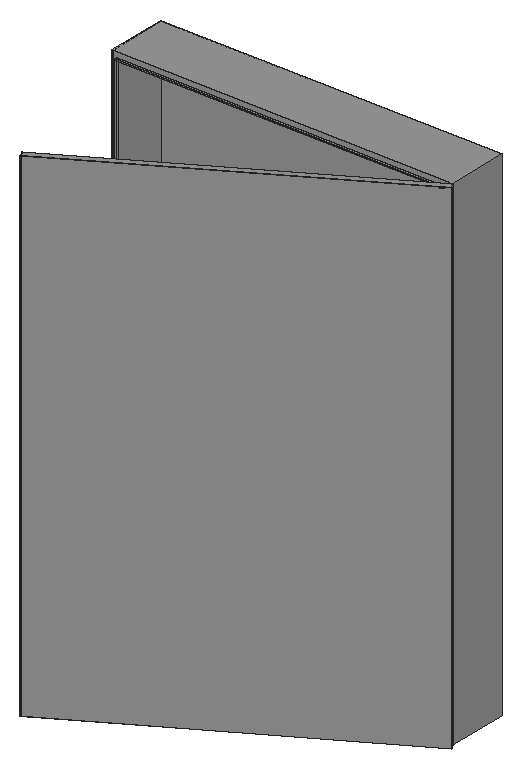
Revit family "Hager-Univers-IP54-D205-H550-Cl.I-Encl-NoHosted-CH-en", category Equipement électrique, Revit 2020
Family settings
  Configuration du panneau = Deux colonnes, circuits au sein
  Cote de connecteur circulaire = Utiliser le diamètre
  Type d'élément = Tableau de raccordement
  Basée sur le plan de construction = Oui
  Toujours verticalement = Oui
  Couper avec des vides une fois chargée = Non
  Partagée = Non
  Point de calcul de pièce = Non
Parameters (values of type "Surface mounted (plaster) IP54 W1050 H1550 D205  - FP04TW2")
  Width Control [instance] = if([EF000008 - Width] > Min Width, [EF000008 - Width], Min Width)  # 1050 mm
  Commentaires du type = [HG000003 - Range]  # "Univers"
  Thickness Door [instance] = if([EF009171 - Material plate thickness door/cover] > 3 mm, 3 mm, [EF009171 - Material plate thickness door/cover])  # 1 mm
  Seal Frame Offset [instance] = 17 mm  # constant formula
  Plinth Visibility [instance] = [HG000027 - Plinth height] > 0 mm  # no
  Min Width [instance] = 100 mm  # constant formula
  Min Depth [instance] = (2 * [EF009170 - Material plate thickness cabinet]) + 1 mm  # 3 mm
  Min Height [instance] = 100 mm  # constant formula
  Internal Frame Depth [instance] = (Door System Depth * 0.5)  # 9 mm
  Panel Name [instance] = ""  # (empty or 0)
  Model = ""
  HG000027 - Plinth height = 0 mm
  HG000026 - Floor standing = no
  HG000024 - Bottom section height = 600 mm
  HG000023 - Double section enclosure = no
  HG000016 - Door 3d visibility [instance] = yes
  HG000015 - Clearance visibility [instance] = no
  HG000014 - Door on the right [instance] = yes
  HG000013 - Door on the left [instance] = not([HG000014 - Door on the right])  # no
  HG000012 - Door swing angle [instance] = 30.00°
  HG000010 - Asymmetric doors = no
  HG000009 - Double swing door = no
  HG000006 - Flush mounted = no
  HG000004 - Manufacturer reference = "FP04TW2"
  HG000003 - Range = "Univers"
  HG000002 - With door or cover = yes
  Frame Offset Bottom [instance] = 10 mm  # constant formula
  Frame Offset [instance] = 15 mm  # constant formula
  EF015940 - Cover with overpressure release = no
  EF011959 - Degree of protection (NEMA) = ""
  EF009554 - Number of openings for flange plates = 8
  EF009212 - Cover model = "EV000116 - Closed"
  EF009171 - Material plate thickness door/cover = 1 mm
  EF009170 - Material plate thickness cabinet = 1 mm
  EF008873 - Nominal current (In) = 400 A
  EF007800 - Suitable for lightning protection = no
  EF006306 - With lock = no
  EF006244 - Transparent cover/door = no
  EF005474 - Degree of protection (IP) = "EV006419 - IP54"
  EF004464 - Type of door = "EV003602 - Double"
  EF004427 - Number of modules = 480
  EF004293 - Impact strength = "EV006815 - IK09"
  EF003532 - Suitable for outdoor use = no
  EF002950 - Width in number of modular spacings = 48
  EF001613 - Circuit integrity = "EV000494 - None"
  EF001596 - Material housing = "EV000179 - Steel"
  EF001131 - Internal depth = 205 mm
  EF001088 - Extension possible = yes
  EF000437 - Number of conduit inlets = 8
  EF000339 - Type of cover = "EV001012 - Cover"
  EF000266 - Number of rows = 10
  EF000218 - Built-in depth = 205 mm
  EF000118 - With mounting plate = no
  EF000116 - RAL-number = "9010"
  EF000049 - Depth = 205 mm
  EF000040 - Height = 1550 mm
  EF000008 - Width = 1050 mm
  EF000007 - Colour = "EV000202 - White"
  EF000003 - Mounting method = "EV000384 - Surface mounted (plaster)"
  Door System Leaf Tolerance [instance] = 1.5 mm  # constant formula
  Door System Depth [instance] = 18 mm  # constant formula
  Door Height [instance] = Height Control - [HG000027 - Plinth height]  # 1550 mm
  Description = ""
  Default Elevation = 1219.2 mm
  Connector Offset [instance] = Height Control / 2  # 775 mm
  Fabricant = "Hager"  # constant formula
  Height Control [instance] = if([EF000040 - Height] > Min Height, [EF000040 - Height], Min Height)  # 1550 mm
  Depth Control [instance] = if([EF000049 - Depth] > Min Depth, [EF000049 - Depth], Min Depth)  # 205 mm
  Bottom Top Plate Trim [instance] = 1.5 mm  # constant formula
  Plinth height Ctrl [instance] = if([HG000027 - Plinth height] > 0 mm, [HG000027 - Plinth height], 12 mm)  # 12 mm
Reference planes
  plane 1 "Center (Front/Back)": y = 0
  plane 2: z = 0
  plane 3 "Center (Left/Right)": x = 0
  plane 4: y = 0
  plane 5: y = 0
  plane 6: z = 0
  plane 7: x = -525
  plane 8: x = 525
  plane 9: x = 524
  plane 10: x = -524
  plane 11: z = 0
  plane 12: z = 1
  plane 13: y = -205
  plane 14: y = -1
  plane 15: x = 0
  plane 16: y = -187
  plane 17: y = -204
  plane 18: y = -186
  plane 19: x = -509
  plane 20: x = 509
  plane 21: z = 11
  plane 22: x = -508
  plane 23: x = 508
  plane 24: z = 0
  plane 25: z = 1550
  plane 26: z = 1550
  plane 27: z = 1534
  plane 28: z = 1549
Forms (mm)
  Extrusion 1, solid, material "Hager_Steel_RAL7035_Light_Grey", detail levels medium+fine
    sketch origin (-208.679, -4572, 0) x (-1, 0, 0) y (0, -1, 0)
      loop
        line (316.321, -4385) -> (-733.679, -4385) -> (-733.679, -4572) -> (316.321, -4572) -> (316.321, -4385)
    from 0 to 1550
  Extrusion 2, void
    sketch origin (-350.771, -205, 1219.2) x (1, 0, 0) y (0, 0, 1)
      loop
        line (-173.229, 329.8) -> (-173.229, -1218.2) -> (874.771, -1218.2) -> (874.771, 329.8) -> (-173.229, 329.8)
    from -19 to -204
  Extrusion 3, void
    sketch origin (-290.084, -187, 1219.2) x (1, 0, 0) y (0, 0, 1)
      loop
        line (-218.916, -1208.2) -> (799.084, -1208.2) -> (799.084, 314.8) -> (-218.916, 314.8) -> (-218.916, -1208.2)
    from 0 to -1
  Extrusion 4, solid, material "Hager_Steel_RAL7035_Light_Grey", visible <- "Plinth Visibility", detail levels medium+fine
    sketch origin (0, 0, 0) x (1, 0, 0) y (0, 1, 0)
      loop
        line (-525, 0) -> (-525, -187) -> (525, -187) -> (525, 0) -> (-525, 0)
    from 0 to 12 <- "Plinth height Ctrl"
  Extrusion 5, solid, material "Hager_Steel_RAL7035_Light_Grey", detail levels coarse
    sketch origin (0, 0, 0) x (1, 0, 0) y (0, 1, 0)
      loop
        line (-525, 0) -> (-525, -205) -> (525, -205) -> (525, 0) -> (-525, 0)
    from 0 to 1550 <- "Height Control"
  Sweep 6, void
    path in 3D
      loop
        line (-525, -187, 12) -> (525, -187, 12) -> (525, 0, 12) -> (-525, 0, 12) -> (-525, -187, 12)
    profile origin (-525, -93.5, 12) x (1, 0, 0) y (0, 0, 1)
      loop
        line (0, 0) -> (0, -1.5) -> (1.5, -1.5)
        arc (1.5, -1.5) -> (1.061, -0.439) -> (0, 0) r 1.5
  Extrusion 7, solid, material "Hager_Steel_RAL7035_Light_Grey", detail levels fine
    sketch origin (-525, -187, 0) x (1, 0, 0) y (0, 0, 1)
      loop
        line (16, 11) -> (1034, 11) -> (1034, 1534) -> (16, 1534) -> (16, 11)
      loop
        line (15, 10) -> (1035, 10) -> (1035, 1535) -> (15, 1535) -> (15, 10)
    from 0 to 9 <- "Internal Frame Depth"
Cuts and joins
  Extrusion 2, Extrusion 3 cuts Extrusion 1
  Sweep 6 cuts Extrusion 4
Lines and regions (mm)
  Masking region 1
    outline origin (0, 0, 0) x (1, 0, 0) y (0, 1, 0)
      loop
        line (-525, 0) -> (-525, -205) -> (525, -205) -> (525, 0) -> (-525, 0)
  Masking region 2, detail levels coarse
    outline origin (-290.084, -187, 1219.2) x (-1, 0, 0) y (0, 0, 1)
      loop
        line (-815.084, -1219.2) -> (234.916, -1219.2) -> (234.916, 330.8) -> (-815.084, 330.8) -> (-815.084, -1219.2)
  Masking region 3, detail levels coarse
    outline origin (0, 0, 0) x (0, 1, 0) y (0, 0, 1)
      loop
        line (0, 0) -> (0, 1550) -> (-205, 1550) -> (-205, 0) -> (0, 0)
  Masking region 4, visible <- "Plinth Visibility", detail levels medium+fine
    outline origin (0, 0, 0) x (0, 1, 0) y (0, 0, 1)
      loop
        line (-1.5, 12) -> (-185.5, 12)
        arc (-185.5, 12) -> (-185.939, 10.939) -> (-187, 10.5) r 1.5
        line (-187, 10.5) -> (-187, 0) -> (0, 0) -> (0, 10.5)
        arc (0, 10.5) -> (-1.061, 10.939) -> (-1.5, 12) r 1.5
  Masking region 5, detail levels medium+fine
    outline origin (0, 0, 594.038) x (0, 1, 0) y (0, 0, 1)
      loop
        line (0, -594.038) -> (0, 955.962) -> (-187, 955.962) -> (-187, -594.038) -> (0, -594.038)
  Masking region 6, detail levels medium+fine
    outline origin (-359.7, -187, 1211.883) x (-1, 0, 0) y (0, 0, 1)
      loop
        line (-884.7, -1211.883) -> (165.3, -1211.883) -> (165.3, 338.117) -> (-884.7, 338.117) -> (-884.7, -1211.883)
  Masking region 7, visible <- "Plinth Visibility", detail levels medium+fine
    outline origin (-320.334, -187, 1041.368) x (-1, 0, 0) y (0, 0, 1)
      loop
        line (-845.334, -1041.368) -> (204.666, -1041.368) -> (204.666, -1030.868)
        arc (204.666, -1030.868) -> (203.606, -1030.429) -> (203.166, -1029.368) r 1.5
        line (203.166, -1029.368) -> (-843.834, -1029.368)
        arc (-843.834, -1029.368) -> (-844.273, -1030.429) -> (-845.334, -1030.868) r 1.5
        line (-845.334, -1030.868) -> (-845.334, -1041.368)
  sketch lines
    curve 1: line (-525, 0, 12) -> (-525, -187, 12)
    curve 2: line (-525, -187, 12) -> (525, -187, 12)
    curve 3: line (525, 0, 12) -> (-525, 0, 12)
    curve 4: line (525, -187, 12) -> (525, 0, 12)
Dimensions and locks
  locked: plane 1 "Center (Front/Back)" to plane 5
  "EF009170 - Material plate thickness cabinet": plane 7 to plane 10
  "EF009170 - Material plate thickness cabinet": plane 8 to plane 9
  equal spacing: plane 7, plane 3 "Center (Left/Right)", plane 8
  "Width Control": plane 7 to plane 8
  "Depth Control": plane 4 to plane 13
  "EF009170 - Material plate thickness cabinet": plane 4 to plane 14
  "Height Control": plane 25 to level
  "HG000027 - Plinth height": plane 11 to level
  "EF009170 - Material plate thickness cabinet": plane 12 to plane 11
  "EF009170 - Material plate thickness cabinet": plane 17 to plane 13
  "EF009170 - Material plate thickness cabinet": plane 18 to plane 16
  "Frame Offset Bottom": plane 21 to plane 12
  "Frame Offset": plane 10 to plane 19
  "Frame Offset": plane 9 to plane 20
  "Door System Depth": plane 16 to plane 13
  "Seal Frame Offset": plane 7 to plane 22
  "Seal Frame Offset": plane 8 to plane 23
  "EF009170 - Material plate thickness cabinet": plane 26 to plane 28
  "Frame Offset": plane 28 to plane 27
  "Connector Offset": plane 2 to connector elem
  "Bottom Top Plate Trim": profile plane to Sweep 6 sketch curve
  "Bottom Top Plate Trim": Sweep 6 sketch curve to Sweep 6 sketch curve
  "Plinth height Ctrl": Masking region 4 sketch curve to level
  "Plinth height Ctrl": Masking region 7 sketch curve to level
  "Thickness Door": Extrusion 7 sketch curve to Extrusion 7 sketch curve  (x4)
  "Bottom Top Plate Trim": radius of Sweep 6 sketch curve
  "Bottom Top Plate Trim": radius of Masking region 4 sketch curve  (x2)
  "Bottom Top Plate Trim": radius of Masking region 7 sketch curve  (x2)
  aligned and locked: Extrusion 2 sketch curve to plane 12
  aligned and locked: Extrusion 2 sketch curve to plane 9
  aligned and locked: Extrusion 2 sketch curve to plane 10
  aligned and locked: Extrusion 2 to plane 14
  aligned and locked: Extrusion 1 sketch curve to plane 4
  aligned and locked: plane 8 to Extrusion 1 sketch curve
  aligned and locked: plane 7 to Extrusion 1 sketch curve
  aligned and locked: Extrusion 2 to plane 18
  aligned and locked: Extrusion 3 sketch curve to plane 19
  aligned and locked: plane 20 to Extrusion 3 sketch curve
  aligned and locked: Extrusion 3 to Extrusion 2
  aligned and locked: Extrusion 3 sketch curve to plane 21
  aligned and locked: plane 3 "Center (Left/Right)" to nested 1
  aligned and locked: Extrusion 1 sketch curve to plane 16
  aligned and locked: Extrusion 4 sketch curve to cut or joined group of Extrusion 1, Extrusion 2, Extrusion 3
  aligned and locked: Masking region 1 sketch curve to plane 7
  aligned and locked: Masking region 1 sketch curve to plane 5
  aligned and locked: Masking region 1 sketch curve to plane 8
  aligned and locked: Masking region 2 sketch curve to level
  aligned and locked: level to Masking region 3 sketch curve
  aligned and locked: plane 1 "Center (Front/Back)" to Masking region 3 sketch curve
  aligned and locked: plane 13 to Masking region 3 sketch curve
  aligned and locked: plane 5 to Masking region 4 sketch curve
  aligned and locked: Masking region 2 sketch curve to plane 8
  aligned and locked: Masking region 2 sketch curve to plane 7
  aligned and locked: plane 7 to nested 2
  aligned and locked: nested 2 to plane 5
  aligned and locked: plane 5 to Masking region 5 sketch curve
  aligned and locked: plane 26 to Masking region 5 sketch curve
  aligned and locked: Extrusion 5 sketch curve to plane 8
  aligned and locked: Extrusion 5 sketch curve to plane 7
  aligned and locked: Extrusion 5 sketch curve to plane 5
  aligned and locked: Extrusion 3 sketch curve to plane 27
  aligned and locked: Extrusion 2 sketch curve to plane 28
  aligned and locked: Masking region 2 to plane 25
  aligned and locked: Extrusion 4 to plane 16
  aligned and locked: profile plane to Sweep 6 sketch curve
  aligned and locked: Masking region 5 sketch curve to plane 24
  aligned and locked: level to Masking region 4 sketch curve
  aligned and locked: Masking region 1 to plane 13
  aligned and locked: nested 1 to plane 16
  aligned and locked: Masking region 3 to plane 25
  aligned and locked: plane 16 to Masking region 4 sketch curve
  aligned and locked: Masking region 5 sketch curve to plane 16
  aligned and locked: plane 24 to plane 11
  aligned and locked: plane 26 to plane 25
  aligned and locked: plane 26 to cut or joined group of Extrusion 1, Extrusion 2, Extrusion 3
  aligned and locked: nested 1 to plane 24
  aligned and locked: Extrusion 1 to Extrusion 3
  aligned and locked: Masking region 6 sketch curve to plane 8
  aligned and locked: Masking region 6 sketch curve to plane 24
  aligned and locked: Masking region 6 sketch curve to plane 7
  aligned and locked: Masking region 6 sketch curve to plane 26
  aligned and locked: Masking region 7 sketch curve to plane 7
  aligned and locked: level to Masking region 7 sketch curve
  aligned and locked: Masking region 7 sketch curve to plane 8
  aligned and locked: Extrusion 7 sketch curve to cut or joined group of Extrusion 1, Extrusion 2, Extrusion 3  (x4)
Automatic sketch dimensions
  plane 19 to Extrusion 3 sketch curve = 0 mm
  Extrusion 3 sketch curve to plane 20 = 0 mm
  Extrusion 3 sketch curve to plane 21 = 0 mm
  Extrusion 4 sketch curve to plane 7 = 0 mm
  Extrusion 4 sketch curve to plane 8 = 0 mm
  Extrusion 4 sketch curve to plane 16 = 0 mm
  Masking region 1 sketch curve to plane 13 = 0 mm
  Masking region 2 sketch curve to plane 25 = 0 mm
  Masking region 3 sketch curve to plane 25 = 0 mm
  Extrusion 5 sketch curve to plane 13 = 0 mm
  profile plane to Sweep 6 sketch curve = 0 mm
Nested families
  nested 1: "EC000058_Univers_Door" at (0, -187, 0), Double <- "HG000009 - Double swing door", Transparent <- "EF006244 - Transparent cover/door", Angle <- "HG000012 - Door swing angle", Door_Right <- "HG000014 - Door on the right", Assymetrical <- "HG000010 - Asymmetric doors", Door <- "HG000002 - With door or cover", Width_Ctrl <- "Width Control", 3d_Door <- "HG000016 - Door 3d visibility", Clearance <- "HG000015 - Clearance visibility", Door_Left <- "HG000013 - Door on the left", Width <- "Width Control", Door_Depth <- "Door System Depth", Leaf_Tolerance <- "Door System Leaf Tolerance", Height <- "Door Height", Lock_Visibility <- "EF006306 - With lock", Thickness <- "Thickness Door", type "EC000058_Univers_Door", detail levels medium+fine
    with min_wh 3 mm, Width_Ctrl 1050 mm, Width 1050 mm, Transparent no, Thickness 1 mm, Seal_Material Hager_Rubber, Lock_Visibility no, Lock_Material Hager_Plastic_RAL9005_Jet_Black, Leaf_Width 1050 mm, Leaf_Tolerance_External_Sides 0 mm, Leaf_Tolerance 1.5 mm, Leaf_Offset 0 mm, Leaf_Height 1547 mm, Leaf_2_Width 1050 mm, Leaf_2_Offset 525 mm, Leaf_1_Width 1050 mm, Leaf_1_Offset 525 mm, Height_Ctrl 1550 mm, Height 1550 mm, Glass_Material Hager_Glass, Double_Clearance_Ctrl no, Double no, Door_Right_Ctrl yes, Door_Right yes, Door_Material Hager_Steel_RAL7035_Light_Grey, Door_Left_Ctrl no, Door_Left no, Door_Depth 18 mm, Door yes, Clearance_Material Hager_Clearance, Clearance_Depth 1050 mm, Clearance_Ctrl no, Clearance no, Assymetrical no, Angle 30.00°, 3d_Door yes
  nested 2: "Hager_Enclosure_Symbol" at (-525, 0, 0), Height <- "Depth Control", Width <- "Width Control", type "Hager_Enclosure_Symbol"
    with Width_Ctrl 1050 mm, Width 1050 mm, Height_Ctrl 205 mm, Height 205 mm, A_Width_Int 13.453 mm, A_Width 161.438 mm, A_Height_Ctrl 179.375 mm, A_Height 179.375 mm
Connectors
  electrical at (0, 0, 775)
    settings: on plane 1 "Center (Front/Back)", index 1, voltage 0 V, apparent load 0 VA, apparent load phase1 0 VA, apparent load phase2 0 VA, apparent load phase3 0 VA, power factor 1, load classification "Other", number of poles 1, system type 30, power factor state 1, is connector primary yes, connector utility no, sub classification motor no, connector description ""
Definition of nested family "EC000058_Univers_Door"
  Parameters (values of type "EC000058_Univers_Door")
    min_wh [instance] = (2 * Thickness) + 1 mm  # 11 mm
    Width_Ctrl [instance] = 400 mm
    Width [instance] = 500 mm
    Transparent [instance] = yes
    Thickness [instance] = 5 mm
    Seal_Material [instance] = none
    Lock_Visibility [instance] = yes
    Lock_Material [instance] = none
    Leaf_Width [instance] = if((Width_Ctrl - 2 * Leaf_Tolerance_External_Sides) > 0 mm, (Width_Ctrl - 2 * Leaf_Tolerance_External_Sides), min_wh)  # 400 mm
    Leaf_Tolerance_External_Sides [instance] = 0 mm  # constant formula
    Leaf_Tolerance [instance] = 1.5 mm
    Leaf_Offset [instance] = 0 mm  # constant formula
    Leaf_Height [instance] = if((Height_Ctrl - 2 * Leaf_Tolerance) > 0 mm, (Height_Ctrl - 2 * Leaf_Tolerance), min_wh)  # 497 mm
    Leaf_2_Width [instance] = if(and(and(Double, Assymetrical), Door_Left), (Leaf_Width / 3) - (Leaf_Tolerance / 2), if(and(and(Double, Assymetrical), Door_Right), (Leaf_Width / 3) * 2 - (Leaf_Tolerance / 2), if(and(Double, not(Assymetrical)), (Leaf_Width / 2) - Leaf_Tolerance, Leaf_Width)))  # 400 mm
    Leaf_2_Offset [instance] = if(and(Double, Assymetrical), Leaf_2_Width / 2, if(and(Double, not(Assymetrical)), Leaf_Width / 4, Leaf_Width / 2))  # 200 mm
    Leaf_1_Width [instance] = if(and(and(Double, Assymetrical), Door_Right), (Leaf_Width / 3) - (Leaf_Tolerance / 2), if(and(and(Double, Assymetrical), Door_Left), (Width / 3) * 2 - (Leaf_Tolerance / 2), if(and(Double, not(Assymetrical)), (Leaf_Width / 2) - Leaf_Tolerance, Leaf_Width)))  # 400 mm
    Leaf_1_Offset [instance] = if(and(Double, Assymetrical), Leaf_1_Width / 2, if(and(Double, not(Assymetrical)), Leaf_Width / 4, Leaf_Width / 2))  # 200 mm
    Height_Ctrl [instance] = if(Height > min_wh, Height, min_wh)  # 500 mm
    Height [instance] = 500 mm
    Glass_Material [instance] = none
    Double_Clearance_Ctrl [instance] = and(Double, Clearance)  # no
    Double [instance] = no
    Door_Right_Ctrl [instance] = and(or(Door_Right, Double), Door)  # yes
    Door_Right [instance] = yes
    Door_Material [instance] = none
    Door_Left_Ctrl [instance] = and(or(Door_Left, Double), Door)  # no
    Door_Left [instance] = no
    Door_Depth [instance] = 30 mm
    Door [instance] = yes
    Default Elevation = 1219.2 mm
    Clearance_Material [instance] = none
    Clearance_Depth [instance] = if(Leaf_1_Width > Leaf_2_Width, Leaf_1_Width, Leaf_2_Width)  # 400 mm
    Clearance_Ctrl [instance] = and(not(Double), Clearance)  # yes
    Clearance [instance] = yes
    Assymetrical [instance] = yes
    Angle [instance] = 30.00°
    3d_Door [instance] = yes
  Reference planes
    plane 1 "Center (Front/Back)": y = 0
    plane 2 "Bottom": z = 0
    plane 3 "Center (Left/Right)": x = 0
    plane 4: z = 500
    plane 5: x = -200
    plane 6: x = 200
    plane 7: z = 500
    plane 8: x = -200
    plane 9: z = 0
    plane 10: x = 200
    plane 11: y = 0
    plane 12: z = 1.5
    plane 13: x = -600
    plane 14: y = -400
    plane 15: x = 600
    plane 16: x = 0
    plane 17: x = 0
    plane 18: x = -200
    plane 19: x = 200
    plane 20: z = 498.5
  Forms (mm)
    Extrusion 1, solid, material <- "Clearance_Material", visible <- "Double_Clearance_Ctrl"
      sketch origin (1200, 0, 0) x (1, 0, 0) y (0, 0, -1)
        loop
          line (-1800, -498.5) -> (-600, -498.5) -> (-600, 0) -> (-1800, 0) -> (-1800, -498.5)
      from 0 to -400
  Dimensions and locks
    equal spacing: plane 5, plane 3 "Center (Left/Right)", plane 6
    "Width_Ctrl": plane 5 to plane 6
    "Leaf_Offset": plane 5 to plane 8
    "Leaf_Offset": plane 6 to plane 10
    "Leaf_Offset": plane 9 to level
    "Leaf_Offset": plane 4 to plane 7
    "Height_Ctrl": plane 4 to level
    "Leaf_Tolerance": plane 12 to plane 9
    locked: plane 11 to plane 1 "Center (Front/Back)"
    "Leaf_1_Offset": plane 18 to plane 16
    "Leaf_2_Offset": plane 17 to plane 19
    "Leaf_1_Width": plane 13 to plane 8
    "Leaf_2_Width": plane 10 to plane 15
    "Clearance_Depth": plane 14 to plane 1 "Center (Front/Back)"
    "Leaf_Tolerance_External_Sides": plane 8 to plane 18
    "Leaf_Tolerance_External_Sides": plane 19 to plane 10
    "Leaf_Tolerance": plane 7 to plane 20
    aligned and locked: level to plane 2 "Bottom"
    aligned and locked: nested 1 to plane 16
    aligned and locked: nested 2 to plane 17
    aligned and locked: Extrusion 1 to plane 13
    aligned and locked: plane 15 to Extrusion 1
    aligned and locked: Extrusion 1 to plane 14
    aligned and locked: plane 12 to nested 1
    aligned and locked: nested 2 to plane 12
    aligned and locked: Extrusion 1 to plane 11
    aligned and locked: plane 20 to Extrusion 1
    aligned and locked: nested 2 to plane 11
    aligned and locked: nested 1 to plane 11
  Automatic sketch dimensions
    Extrusion 1 sketch curve to level = 0 mm
    plane 5 to Extrusion 1 sketch curve = 400 mm
    plane 6 to Extrusion 1 sketch curve = 400 mm
    Extrusion 1 sketch curve to plane 4 = 1.5 mm
  Nested families
    nested 1: "EC000058_Univers_Door_Leaf" at (0, 0, 1.5), Width <- "Leaf_1_Width", visible <- "Door_Left_Ctrl", Leaf_Height <- "Leaf_Height", Angle <- "Angle", 3d_Door <- "3d_Door", Transparent <- "Transparent", Clearance Material <- "Clearance_Material", Clearance <- "Clearance_Ctrl", Door_Material <- "Door_Material", Glass_Material <- "Glass_Material", Door_Depth <- "Door_Depth", Lock_Material <- "Lock_Material", Seal_Material <- "Seal_Material", Lock_Visibility <- "Lock_Visibility", Thickness <- "Thickness", type "EC000058_Univers_Door_Leaf"
      with Width 400 mm, Transparent_Glass_Offset 30 mm, Transparent_Ctrl yes, Transparent yes, Thickness 5 mm, Standard no, Seal_Material none, Seal_D2 8 mm, Seal_D1 1 mm, Offset_Internal_Frame 10 mm, Lock_Width 20 mm, Lock_Visibility_3d yes, Lock_Visibility yes, Lock_Thickness_3 3 mm, Lock_Thickness_2 1 mm, Lock_Thickness_1 3 mm, Lock_Radius_Offset_2 16 mm, Lock_Radius_Offset_1 15 mm, Lock_Radius_2 5 mm, Lock_Radius 6 mm, Lock_Offset 5 mm, Lock_Material none, Lock_Height 80 mm, Lock_Cover_Top_Offset_2d 17 mm, Lock_Cover_Height -65 mm, Leaf_Height 497 mm, Internal_Seal_Thickness 8 mm, Internal_Seal_Depth_2 4.5 mm, Internal_Frame_Depth 25 mm, Glass_Thickness -1 mm, Glass_Offset -2 mm, Glass_Material none, Door_Material none, Door_Depth 30 mm, Clearance Material none, Clearance yes, Angle_Ctrl 30.00°, Angle 30.00°, 3d_Door yes
    nested 2: "EC000058_Univers_Door_Leaf" at (0, 0, 1.5) x (-1, 0, 0) z (0, 0, 1), Width <- "Leaf_2_Width", visible <- "Door_Right_Ctrl", Leaf_Height <- "Leaf_Height", Angle <- "Angle", 3d_Door <- "3d_Door", Transparent <- "Transparent", Clearance Material <- "Clearance_Material", Clearance <- "Clearance_Ctrl", Door_Material <- "Door_Material", Glass_Material <- "Glass_Material", Door_Depth <- "Door_Depth", Lock_Material <- "Lock_Material", Seal_Material <- "Seal_Material", Lock_Visibility <- "Lock_Visibility", Thickness <- "Thickness", type "EC000058_Univers_Door_Leaf"
      with Width 400 mm, Transparent_Glass_Offset 30 mm, Transparent_Ctrl yes, Transparent yes, Thickness 5 mm, Standard no, Seal_Material none, Seal_D2 8 mm, Seal_D1 1 mm, Offset_Internal_Frame 10 mm, Lock_Width 20 mm, Lock_Visibility_3d yes, Lock_Visibility yes, Lock_Thickness_3 3 mm, Lock_Thickness_2 1 mm, Lock_Thickness_1 3 mm, Lock_Radius_Offset_2 16 mm, Lock_Radius_Offset_1 15 mm, Lock_Radius_2 5 mm, Lock_Radius 6 mm, Lock_Offset 5 mm, Lock_Material none, Lock_Height 80 mm, Lock_Cover_Top_Offset_2d 17 mm, Lock_Cover_Height -65 mm, Leaf_Height 497 mm, Internal_Seal_Thickness 8 mm, Internal_Seal_Depth_2 4.5 mm, Internal_Frame_Depth 25 mm, Glass_Thickness -1 mm, Glass_Offset -2 mm, Glass_Material none, Door_Material none, Door_Depth 30 mm, Clearance Material none, Clearance yes, Angle_Ctrl 30.00°, Angle 30.00°, 3d_Door yes
  Definition of nested family "EC000058_Univers_Door_Leaf"
    Parameters (values of type "EC000058_Univers_Door_Leaf")
      Width [instance] = 2000 mm
      Transparent_Glass_Offset [instance] = 30 mm
      Transparent_Ctrl [instance] = and(Transparent, [3d_Door])  # yes
      Transparent [instance] = yes
      Thickness [instance] = 5 mm
      Standard [instance] = and(not(Transparent), [3d_Door])  # no
      Seal_Material [instance] = none
      Seal_D2 [instance] = 8 mm  # constant formula
      Seal_D1 [instance] = 1 mm  # constant formula
      Offset_Internal_Frame [instance] = 10 mm  # constant formula
      Lock_Width [instance] = 20 mm  # constant formula
      Lock_Visibility_3d [instance] = and(Lock_Visibility, [3d_Door])  # yes
      Lock_Visibility [instance] = yes
      Lock_Thickness_3 [instance] = 3 mm  # constant formula
      Lock_Thickness_2 [instance] = 1 mm  # constant formula
      Lock_Thickness_1 [instance] = 3 mm  # constant formula
      Lock_Radius_Offset_2 [instance] = Lock_Radius_Offset_1 + 1 mm  # 16 mm
      Lock_Radius_Offset_1 [instance] = 15 mm  # constant formula
      Lock_Radius_2 [instance] = Lock_Radius - 1 mm  # 5 mm
      Lock_Radius [instance] = 6 mm  # constant formula
      Lock_Offset [instance] = 5 mm  # constant formula
      Lock_Material [instance] = none
      Lock_Height [instance] = 80 mm  # constant formula
      Lock_Cover_Top_Offset_2d [instance] = Lock_Radius_Offset_2 + 1 mm  # 17 mm
      Lock_Cover_Height [instance] = -(Lock_Height - Lock_Radius_Offset_1)  # -65 mm
      Leaf_Height [instance] = 2720.336 mm
      Internal_Seal_Thickness [instance] = 8 mm  # constant formula
      Internal_Seal_Depth_2 [instance] = 4.5 mm  # constant formula
      Internal_Frame_Depth [instance] = if(Door_Depth - Thickness > 5 mm, Door_Depth - Thickness, 5 mm)  # 25 mm
      Glass_Thickness [instance] = if(Thickness > 15 mm, Glass_Offset + 10 mm, -1 mm)  # -1 mm
      Glass_Offset [instance] = if(Thickness > 15 mm, -(Thickness + 10 mm) / 2, -2 mm)  # -2 mm
      Glass_Material [instance] = none
      Door_Material [instance] = none
      Door_Depth [instance] = 30 mm
      Default Elevation = 0 mm
      Clearance Material [instance] = none
      Clearance [instance] = yes
      Angle_Ctrl [instance] = if(Angle > 180.00°, 180.00°, Angle)  # 90.00°
      Angle [instance] = 90.00°
      3d_Door [instance] = yes
    Reference planes
      plane 1 "Center (Front/Back)": y = 0
      plane 2: z = 0
      plane 3 "Center (Left/Right)": x = 0
      plane 4: y = 2000
      plane 5: x = -1000
      plane 6: x = 1000
      plane 7: x = -3000
      plane 8: z = 2720.336
      plane 9: z = 30
      plane 10: z = 2690.336
      plane 11: x = 970
      plane 12: x = -970
      plane 13: y = -3
      plane 14: z = 107.833
      plane 15: y = -5
      plane 16: y = -223.314
      plane 17: x = -1000
      plane 18: z = 1360.168
      plane 19: y = 30
    Forms (mm)
      Extrusion 1, solid, material <- "Clearance Material", visible <- "Clearance"
        sketch origin (0, 0, 0) x (1, 0, 0) y (0, 0, 1)
          loop
            line (-3000, 2720.336) -> (-3000, 0) -> (1000, 0) -> (1000, 2720.336) -> (-3000, 2720.336)
        from 0 to -2000
      Extrusion 2, solid, material <- "Door_Material", visible <- "Standard", detail levels medium+fine
        sketch origin (-1000, 0, 0) x (0, 1, 0) y (-1, 0, 0)
          loop
            line (0, 30) -> (0, 25) -> (2000, 25) -> (2000, 30) -> (0, 30)
        from 0 to 2720.336 <- "Leaf_Height"
      Extrusion 3, solid, material <- "Door_Material", visible <- "Transparent_Ctrl", detail levels medium+fine
        sketch origin (-1000, 0, 0) x (0, 1, 0) y (-1, 0, 0)
          loop
            line (0, 25) -> (2000, 25) -> (2000, 30) -> (0, 30) -> (0, 25)
        from 0 to 2720.336 <- "Leaf_Height"
      Extrusion 4, void
        sketch origin (-1025, 2000, 0) x (0, 1, 0) y (0, 0, -1)
          loop
            line (-30, -2690.336) -> (-30, -30) -> (-1970, -30) -> (-1970, -2690.336) -> (-30, -2690.336)
        from 0 to 5 <- "Thickness"
      Sweep 5, solid, material <- "Seal_Material", visible <- "Transparent_Ctrl", detail levels fine
        path in 3D
          loop
            line (-1025, 30, 30) -> (-1025, 30, 2690.336) -> (-1025, 1970, 2690.336) -> (-1025, 1970, 30) -> (-1025, 30, 30)
        profile origin (-1025, 1000, 30) x (1, 0, 0) y (0, 0, 1)
          loop
            line (0, 0) -> (0, -8) -> (1, -8) -> (1, 0) -> (0, 0)
      Extrusion 6, solid, material <- "Glass_Material", visible <- "Transparent_Ctrl", detail levels medium+fine
        sketch origin (-1030, 0, 0) x (0, 1, 0) y (0, 0, -1)
          loop
            line (1970, -2690.336) -> (1970, -30) -> (30, -30) -> (30, -2690.336) -> (1970, -2690.336)
        from -2 <- "Glass_Offset" to -1 <- "Glass_Thickness"
      Extrusion 7, solid, material <- "Door_Material", visible <- "3d_Door", detail levels medium+fine
        sketch origin (-1025, 2000, 0) x (0, -1, 0) y (0, 0, -1)
          loop
            line (0, -2720.336) -> (2000, -2720.336) -> (2000, 0) -> (0, 0) -> (0, -2720.336)
          loop
            line (1995, -5) -> (5, -5) -> (5, -2715.336) -> (1995, -2715.336) -> (1995, -5)
        from 0 to 25 <- "Internal_Frame_Depth"
      Sweep 8, solid, material <- "Seal_Material", visible <- "Transparent_Ctrl", detail levels fine
        path in 3D
          loop
            line (-1025, 0, 0) -> (-1025, 2000, 0) -> (-1025, 2000, 2720.336) -> (-1025, 0, 2720.336) -> (-1025, 0, 0)
        profile origin (-1025, 0, 1360.168) x (1, 0, 0) y (0, 1, 0)
          loop
            line (0, 10) -> (2.975, 10)
            arc (2.975, 10) -> (4.053, 10.447) -> (4.5, 11.525) r 1.525
            line (4.5, 11.525) -> (4.5, 16.527)
            arc (4.5, 16.527) -> (4.069, 17.569) -> (3.027, 18) r 1.473
            line (3.027, 18) -> (0, 18) -> (0, 10)
      Extrusion 9, solid, material <- "Lock_Material", visible <- "Lock_Visibility_3d", detail levels fine
        sketch origin (-1030, 0, 0) x (0, 1, 0) y (0, 0, -1)
          loop
            arc (1993.5, -1400.168) -> (1994.561, -1399.729) -> (1995, -1398.668) r 1.5
            line (1995, -1398.668) -> (1995, -1320.168) -> (1975, -1320.168) -> (1975, -1398.668)
            arc (1975, -1398.668) -> (1975.439, -1399.729) -> (1976.5, -1400.168) r 1.5
            line (1976.5, -1400.168) -> (1993.5, -1400.168)
        from 3 <- "Lock_Thickness_1" to 0
      Blend 10, solid, material <- "Lock_Material", visible <- "Lock_Visibility_3d", detail levels fine
        base sketch origin (-1033, 0, 0) x (0, 1, 0) y (0, 0, -1)
          loop
            line (1975, -1320.168) -> (1975, -1398.668)
            arc (1975, -1398.668) -> (1975.439, -1399.729) -> (1976.5, -1400.168) r 1.5
            line (1976.5, -1400.168) -> (1993.5, -1400.168)
            arc (1993.5, -1400.168) -> (1994.561, -1399.729) -> (1995, -1398.668) r 1.5
            line (1995, -1398.668) -> (1995, -1320.168) -> (1975, -1320.168)
        top sketch origin (-1033, 0, 0) x (0, 1, 0) y (0, 0, -1)
          loop
            line (1976, -1320.168) -> (1976, -1398.668)
            arc (1976, -1398.668) -> (1976.146, -1399.022) -> (1976.5, -1399.168) r 0.5
            line (1976.5, -1399.168) -> (1993.5, -1399.168)
            arc (1993.5, -1399.168) -> (1993.854, -1399.022) -> (1994, -1398.668) r 0.5
            line (1994, -1398.668) -> (1994, -1320.168) -> (1976, -1320.168)
        from 0 to 1 <- "Lock_Thickness_2"
      Blend 11, solid, material <- "Lock_Material", visible <- "Lock_Visibility_3d", detail levels fine
        base sketch origin (-1034, 0, 0) x (0, 1, 0) y (0, 0, -1)
          loop
            line (1978, -1320.168) -> (1978, -1384.168)
            arc (1978, -1384.168) -> (1985, -1391.168) -> (1992, -1384.168) r 7
            line (1992, -1384.168) -> (1992, -1320.168) -> (1978, -1320.168)
        top sketch origin (-1034, 0, 0) x (0, 1, 0) y (0, 0, -1)
          loop
            line (1991, -1320.168) -> (1979, -1320.168) -> (1979, -1383.168)
            arc (1979, -1383.168) -> (1985, -1389.168) -> (1991, -1383.168) r 6
            line (1991, -1383.168) -> (1991, -1320.168)
        from 0 to 3 <- "Lock_Thickness_3"
      Extrusion 12, solid, material <- "Lock_Material", visible <- "Lock_Visibility_3d", detail levels fine
        sketch origin (-1030, 1975, 1320.168) x (1, 0, 0) y (0, -1, 0)
          loop
            line (-7, -19) -> (-7, -1) -> (0, -1) -> (0, 0) -> (-8, 0) -> (-8, -20) -> (0, -20) -> (0, -19) -> (-7, -19)
        from 0 to -65 <- "Lock_Cover_Height"
      Extrusion 13, void
        sketch origin (-1038, 1995, 1320.168) x (-1, 0, 0) y (0, 0, -1)
          loop
            line (-5, -65) -> (0, -65) -> (-5, -60) -> (-5, -65)
        from 0 to 20 <- "Lock_Width"
      Extrusion 14, void
        sketch origin (-1038, 1975, 1320.168) x (0, -1, 0) y (0, 0, -1)
          loop
            circle (-10, -15.995) r 6
          loop
            circle (-10, -15.995) r 5
        from 0 to 2
      Extrusion 15, solid, material <- "Lock_Material", visible <- "Lock_Visibility_3d", detail levels medium
        sketch origin (-1030, 0, 0) x (0, 1, 0) y (0, 0, -1)
          loop
            arc (1993.5, -1400.168) -> (1994.561, -1399.729) -> (1995, -1398.668) r 1.5
            line (1995, -1398.668) -> (1995, -1320.168) -> (1975, -1320.168) -> (1975, -1398.668)
            arc (1975, -1398.668) -> (1975.439, -1399.729) -> (1976.5, -1400.168) r 1.5
            line (1976.5, -1400.168) -> (1993.5, -1400.168)
        from 8 to 0
    Cuts and joins
      Extrusion 4 cuts Extrusion 3
      Extrusion 13, Extrusion 14 cuts Extrusion 9
      Extrusion 14 cuts Blend 11
      Extrusion 13, Extrusion 14 cuts Extrusion 12
      joined: Extrusion 9, Blend 10, Blend 11, Extrusion 12
      Extrusion 14 cuts Extrusion 15
    Lines and regions (mm)
      Masking region 1, visible <- "Lock_Visibility", detail levels fine
        outline origin (0, 0, 0) x (0, 1, 0) y (0, 0, 1)
          loop
            line (30, 1320.168) -> (33, 1320.168) -> (33, 1400.168) -> (30, 1400.168) -> (30, 1320.168)
      Masking region 2, visible <- "Lock_Visibility", detail levels fine
        outline origin (0, 3.143, 0) x (0, 1, 0) y (0, 0, 1)
          loop
            line (29.857, 1354.168) -> (30.857, 1354.168) -> (30.857, 1366.168) -> (29.857, 1366.168) -> (29.857, 1354.168)
      Masking region 3, detail levels medium+fine
        outline origin (0, 0, 0) x (0, 1, 0) y (0, 0, 1)
          loop
            line (0, 0) -> (30, 0) -> (30, 2720.336) -> (0, 2720.336) -> (0, 0)
      Masking region 4, detail levels medium+fine
        outline origin (0, 0, 0) x (1, 0, 0) y (0, 0, 1)
          loop
            line (-1000, 2720.336) -> (-1000, 0) -> (1000, 0) -> (1000, 2720.336) -> (-1000, 2720.336)
      Masking region 5, visible <- "Lock_Visibility", detail levels fine
        outline origin (-47.116, 0, 0) x (1, 0, 0) y (0, 0, 1)
          loop
            arc (1024.616, 1399.168) -> (1023.556, 1398.729) -> (1023.116, 1397.668) r 1.5
            line (1023.116, 1397.668) -> (1023.116, 1320.168) -> (1041.116, 1320.168) -> (1041.116, 1397.668)
            arc (1041.116, 1397.668) -> (1040.677, 1398.729) -> (1039.616, 1399.168) r 1.5
            line (1039.616, 1399.168) -> (1024.616, 1399.168)
      Masking region 6, visible <- "Lock_Visibility", detail levels medium+fine
        outline origin (-25, 0, 0) x (1, 0, 0) y (0, 0, 1)
          loop
            arc (1001.5, 1400.168) -> (1000.439, 1399.729) -> (1000, 1398.668) r 1.5
            line (1000, 1398.668) -> (1000, 1320.168) -> (1020, 1320.168) -> (1020, 1398.668)
            arc (1020, 1398.668) -> (1019.561, 1399.729) -> (1018.5, 1400.168) r 1.5
            line (1018.5, 1400.168) -> (1001.5, 1400.168)
      Masking region 7, visible <- "Lock_Visibility", detail levels fine
        outline origin (-73.735, 0, 0) x (1, 0, 0) y (0, 0, 1)
          loop
            line (1051.735, 1382.168) -> (1065.735, 1382.168) -> (1065.735, 1384.168)
            arc (1065.735, 1384.168) -> (1058.735, 1391.168) -> (1051.735, 1384.168) r 7
            line (1051.735, 1384.168) -> (1051.735, 1382.168)
      Masking region 8, visible <- "Lock_Visibility", detail levels fine
        outline origin (-73.735, 0, 0) x (1, 0, 0) y (0, 0, 1)
          loop
            line (1052.735, 1382.168) -> (1064.735, 1382.168) -> (1064.735, 1383.168)
            arc (1064.735, 1383.168) -> (1058.735, 1389.168) -> (1052.735, 1383.168) r 6
            line (1052.735, 1383.168) -> (1052.735, 1382.168)
      Masking region 9, visible <- "Lock_Visibility", detail levels fine
        outline origin (-25, 0, 0) x (1, 0, 0) y (0, 0, 1)
          loop
            line (1020, 1320.168) -> (1020, 1382.168) -> (1000, 1382.168) -> (1000, 1320.168) -> (1020, 1320.168)
      Masking region 10, detail levels medium+fine
        outline origin (0, 0, 0) x (1, 0, 0) y (0, 0, 1)
          loop
            circle (985, 1335.144) r 6
      Masking region 11, detail levels fine
        outline origin (0, 0, 0) x (1, 0, 0) y (0, 0, 1)
          loop
            circle (985, 1335.144) r 5
      Masking region 12, visible <- "Lock_Visibility", detail levels fine
        outline origin (0, 12.767, 0) x (0, 1, 0) y (0, 0, 1)
          loop
            line (20.233, 1320.168) -> (21.233, 1320.168) -> (21.233, 1399.168) -> (20.233, 1400.168) -> (20.233, 1320.168)
      Masking region 13, visible <- "Lock_Visibility", detail levels fine
        outline origin (0, 13.767, -10) x (0, 1, 0) y (0, 0, 1)
          loop
            line (20.233, 1330.168) -> (23.233, 1330.168) -> (23.233, 1399.168) -> (20.233, 1402.168) -> (20.233, 1330.168)
      Masking region 14, visible <- "Lock_Visibility", detail levels fine
        outline origin (0, 12.767, -10) x (0, 1, 0) y (0, 0, 1)
          loop
            line (20.233, 1330.168) -> (25.233, 1330.168) -> (25.233, 1399.305) -> (20.233, 1394.305) -> (20.233, 1330.168)
      Masking region 15, visible <- "Lock_Visibility", detail levels medium
        outline origin (0, 0, 0) x (0, 1, 0) y (0, 0, 1)
          loop
            line (30, 1320.168) -> (38, 1320.168) -> (38, 1400.168) -> (30, 1400.168) -> (30, 1320.168)
      Masking region 16, visible <- "Lock_Visibility", detail levels fine
        outline origin (-1000, 0, 0) x (0, 1, 0) y (-1, 0, 0)
          loop
            line (1975, 30) -> (1995, 30) -> (1995, 38) -> (1975, 38) -> (1975, 30)
          loop
            line (1979, 37) -> (1976, 37) -> (1976, 34) -> (1978, 34) -> (1979, 37)
          loop
            line (1994, 37) -> (1991, 37) -> (1992, 34) -> (1994, 34) -> (1994, 37)
      Masking region 17, visible <- "Lock_Visibility", detail levels medium
        outline origin (-1000, 0, 0) x (0, 1, 0) y (-1, 0, 0)
          loop
            line (1975, 30) -> (1995, 30) -> (1995, 38) -> (1975, 38) -> (1975, 30)
      symbolic lines
        curve 1: line (1000, 0, 0) -> (-3000, 0, 0)
        curve 2: arc (1000, 0, 0) -> (-1000, 2000, 0) -> (-3000, 0, 0) r 2000
        curve 4: line (-1030, 0, 0) -> (-1030, 2000, 0)
      reference lines
        curve 3: line (-1000, 0, 0) -> (-1000, 2000, 0)
      symbolic lines, detail levels medium+fine
        curve 5: line (-1030, 2000, 0) -> (-1025, 2000, 0)
        curve 7: line (-1025, 0, 0) -> (-1030, 0, 0)
        curve 8: line (-1025, 0, 0) -> (-1000, 0, 0)
        curve 9: line (-1000, 0, 0) -> (-1000, 2000, 0)
        curve 10: line (-1000, 2000, 0) -> (-1025, 2000, 0)
      symbolic lines, detail levels fine
        curve 6: line (-1025, 2000, 0) -> (-1025, 0, 0)
      sketch lines
        curve 11: line (-1025, 0, 2720.336) -> (-1025, 0, 0)
        curve 12: line (-1025, 2000, 0) -> (-1025, 0, 0)
        curve 13: line (-1025, 2000, 2720.336) -> (-1025, 2000, 0)
        curve 14: line (-1025, 0, 2720.336) -> (-1025, 2000, 2720.336)
        curve 15: line (-1025, 1970, 30) -> (-1025, 30, 30)
        curve 16: line (-1025, 30, 30) -> (-1025, 30, 2690.336)
        curve 17: line (-1025, 1970, 2690.336) -> (-1025, 1970, 30)
        curve 18: line (-1025, 30, 2690.336) -> (-1025, 1970, 2690.336)
      symbolic lines, visible <- "Transparent", detail levels medium+fine
        curve 19: line (-970, 0, 2690.336) -> (970, 0, 2690.336)
        curve 20: line (-970, 0, 30) -> (-970, 0, 2690.336)
        curve 21: line (970, 0, 30) -> (-970, 0, 30)
        curve 22: line (970, 0, 2690.336) -> (970, 0, 30)
    Dimensions and locks
      "Width": plane 1 "Center (Front/Back)" to plane 4
      equal spacing: plane 5, plane 3 "Center (Left/Right)", plane 6
      "Width": plane 5 to plane 6
      "Width": plane 7 to plane 5
      "Leaf_Height": plane 8 to level
      "Width": curve 5 to curve 3
      "Width": curve 3 to curve 3
      plane 8 to plane 10 = 30 mm
      plane 9 to level = 30 mm
      plane 12 to plane 5 = 30 mm
      plane 6 to plane 11 = 30 mm
      Extrusion 1 to Extrusion 4 sketch curve = 30 mm
      "Transparent_Glass_Offset": curve 3 to Extrusion 4 sketch curve
      "Transparent_Glass_Offset": Extrusion 4 sketch curve to cut or joined group of Extrusion 3, Extrusion 4  (x2)
      cut or joined group of Extrusion 3, Extrusion 4 to Extrusion 6 sketch curve = 30 mm
      "Transparent_Glass_Offset": cut or joined group of Extrusion 3, Extrusion 4 to Extrusion 4 sketch curve
      "Thickness": curve 6 to curve 4
      "Thickness": Extrusion 7 sketch curve to Extrusion 7 sketch curve  (x4)
      "Door_Depth": curve 4 to curve 3
      "Offset_Internal_Frame": profile plane to Sweep 8 sketch curve
      "Internal_Seal_Thickness": Sweep 8 sketch curve to Sweep 8 sketch curve
      "Internal_Seal_Depth_2": profile plane to Sweep 8 sketch curve
      "Seal_D1": profile plane to Sweep 5 sketch curve
      "Seal_D2": profile plane to Sweep 5 sketch curve
      "Thickness": Extrusion 2 sketch curve to Extrusion 2 sketch curve
      equal spacing: Extrusion 9 sketch curve, plane 18, Extrusion 9 sketch curve  (x2)
      equal spacing: Masking region 1 sketch curve, plane 18, Masking region 1 sketch curve
      "Lock_Height": Masking region 1 sketch curve to Masking region 1 sketch curve
      "Lock_Radius": Masking region 2 sketch curve to plane 18 to Masking region 2 sketch curve
      Masking region 2 sketch curve to Masking region 1 = 1 mm
      "Door_Depth": plane 19 to plane 1 "Center (Front/Back)"
      "Lock_Thickness_1": Masking region 1 sketch curve to plane 19
      "Lock_Width": Extrusion 9 sketch curve to Extrusion 9 sketch curve
      "Lock_Height": Extrusion 9 sketch curve to Extrusion 9 sketch curve
      "Lock_Offset": cut or joined group of Extrusion 3, Extrusion 4 to Extrusion 9 sketch curve
      equal spacing: plane 8, plane 18, level
      "Lock_Radius_Offset_1": Blend 11 sketch curve to Blend 10
      locked: Blend 10 to Blend 11 sketch curve at 2  (x2)
      locked: var sketch to Blend 11 sketch curve at 1  (x2)
      "Lock_Radius_Offset_2": Blend 11 sketch curve to Blend 10
      locked: Extrusion 12 sketch curve to Extrusion 12 sketch curve at 1  (x3)
      Masking region 6 sketch curve to Masking region 6 sketch curve = 80 mm
      "Lock_Height": Masking region 6 sketch curve to Masking region 6 sketch curve
      "Lock_Width": Masking region 6 sketch curve to Masking region 6 sketch curve
      locked: Masking region 6 to Masking region 5 sketch curve at 1  (x3)
      locked: Masking region 5 to Masking region 7 sketch curve at 2  (x2)
      "Lock_Radius_Offset_1": Masking region 5 to Masking region 7 sketch curve
      "Lock_Radius_Offset_2": Masking region 5 to Masking region 8 sketch curve
      locked: Masking region 7 to Masking region 8 sketch curve at 1  (x2)
      "Lock_Cover_Top_Offset_2d": Masking region 5 to Masking region 9 sketch curve
      equal spacing: Masking region 9, Masking region 10 sketch curve, Masking region 9
      equal spacing: Masking region 9, Masking region 11 sketch curve, Masking region 9
      Extrusion 15 sketch curve to Extrusion 15 sketch curve = 80 mm
      "Lock_Width": Extrusion 15 sketch curve to Extrusion 15 sketch curve
      "Lock_Height": Extrusion 15 sketch curve to Extrusion 15 sketch curve
      equal spacing: Extrusion 15 sketch curve, plane 18, Extrusion 15 sketch curve
      "Lock_Thickness_3": Masking region 13 sketch curve to Masking region 13 sketch curve
      "Lock_Height": Masking region 12 sketch curve to Masking region 12 sketch curve
      locked: Masking region 13 sketch curve to Masking region 1 at 8
      locked: Masking region 14 sketch curve to Masking region 13 at 1
      locked: Masking region 14 sketch curve to Masking region 1 at 10.863
      "Lock_Height": Masking region 15 sketch curve to Masking region 15 sketch curve
      "Lock_Offset": Extrusion 15 sketch curve to cut or joined group of Extrusion 3, Extrusion 4
      "Lock_Offset": plane 6 to Masking region 6 sketch curve
      radius of Sweep 8 sketch curve = 1.525 mm
      radius of Sweep 8 sketch curve = 1.473 mm
      radius of Extrusion 9 sketch curve = 1.5 mm  (x2)
      "Lock_Radius": radius of Extrusion 14 sketch curve
      "Lock_Radius_2": radius of Extrusion 14 sketch curve
      "Lock_Radius": radius of Masking region 10 sketch curve
      "Lock_Radius_2": radius of Masking region 11 sketch curve
      radius of Extrusion 15 sketch curve = 1.5 mm  (x2)
      "Angle_Ctrl": angle plane 1 "Center (Front/Back)" to curve 3
      locked: Masking region 12 sketch curve to Masking region 12 sketch curve (angle 45.00°)
      locked: Masking region 13 sketch curve to Masking region 13 sketch curve (angle 45.00°)
      locked: Masking region 14 sketch curve to Masking region 14 sketch curve (angle 45.00°)
      aligned and locked: level to plane 2
      aligned and locked: Extrusion 1 to curve 1
      aligned and locked: plane 6 to Extrusion 1
      aligned and locked: Extrusion 1 to plane 1 "Center (Front/Back)"
      aligned and locked: plane 4 to Extrusion 1
      aligned and locked: plane 8 to Extrusion 1
      aligned and locked: curve 7 to Extrusion 2 sketch curve
      aligned and locked: curve 5 to Extrusion 2 sketch curve
      aligned and locked: curve 7 to Extrusion 3 sketch curve
      aligned and locked: Extrusion 3 sketch curve to curve 4
      aligned and locked: Extrusion 3 sketch curve to curve 6
      aligned and locked: Extrusion 3 sketch curve to curve 5
      aligned and locked: curve 9 to curve 3
      aligned and locked: Extrusion 7 sketch curve to cut or joined group of Extrusion 3, Extrusion 4  (x4)
      aligned and locked: plane 17 to curve 3
      aligned and locked: plane 1 "Center (Front/Back)" to curve 3
      aligned and locked: plane 17 to plane 5
      aligned and locked: Sweep 8 sketch curve to profile plane
      aligned and locked: Sweep 5 sketch curve to profile plane  (x2)
      aligned and locked: Masking region 1 to Masking region 2 sketch curve
      aligned and locked: plane 19 to Masking region 1 sketch curve
      aligned and locked: plane 1 "Center (Front/Back)" to Masking region 3 sketch curve
      aligned and locked: plane 19 to Masking region 3 sketch curve
      aligned and locked: level to Masking region 3 sketch curve
      aligned and locked: Masking region 3 sketch curve to plane 8
      aligned and locked: plane 17 to Masking region 4 sketch curve
      aligned and locked: level to Masking region 4 sketch curve
      aligned and locked: Masking region 4 sketch curve to plane 8
      aligned and locked: plane 12 to curve 20
      aligned and locked: plane 10 to curve 19
      aligned and locked: plane 11 to curve 22
      aligned and locked: curve 21 to plane 9
      aligned and locked: Extrusion 2 sketch curve to cut or joined group of Extrusion 3, Extrusion 4
      aligned and locked: Blend 10 sketch curve to Extrusion 9  (x4)
      aligned and locked: Extrusion 9 to Blend 10 sketch curve
      aligned and locked: Blend 10 to Blend 11 sketch curve
      aligned and locked: Extrusion 12 sketch curve to Blend 11
      aligned and locked: Extrusion 12 sketch curve to Extrusion 9  (x4)
      aligned and locked: Masking region 5 sketch curve to Masking region 6
      aligned and locked: Masking region 9 sketch curve to Masking region 6  (x3)
      aligned and locked: Masking region 12 sketch curve to Masking region 1
      aligned and locked: Masking region 13 sketch curve to Masking region 1
      aligned and locked: Masking region 12 to Masking region 14
      aligned and locked: Masking region 14 sketch curve to Masking region 1
      aligned and locked: Masking region 15 sketch curve to Masking region 14
      aligned and locked: Masking region 13 sketch curve to Masking region 12
      aligned and locked: Masking region 16 sketch curve to cut or joined group of Extrusion 14, Extrusion 15  (x4)
      aligned and locked: Masking region 16 sketch curve to cut or joined group of Extrusion 9, Blend 10, Blend 11, Extrusion 12, Extrusion 13, Extrusion 14  (x6)
      aligned and locked: cut or joined group of Extrusion 9, Blend 10, Blend 11, Extrusion 12, Extrusion 13, Extrusion 14 to Masking region 16 sketch curve
      aligned and locked: Masking region 17 sketch curve to cut or joined group of Extrusion 14, Extrusion 15  (x3)
      aligned and locked: Masking region 17 sketch curve to cut or joined group of Extrusion 9, Blend 10, Blend 11, Extrusion 12, Extrusion 13, Extrusion 14
      aligned and locked: Masking region 9 to Masking region 8 sketch curve
      aligned and locked: Masking region 9 to Masking region 7 sketch curve
    Automatic sketch dimensions
      plane 1 "Center (Front/Back)" to curve 2 = 0 mm
      curve 2 to plane 5 = 0 mm
      Extrusion 1 sketch curve to level = 0 mm
      Extrusion 1 sketch curve to plane 7 = 0 mm
      Extrusion 1 sketch curve to plane 6 = 0 mm
      Extrusion 1 sketch curve to plane 8 = 0 mm
      Extrusion 3 to Extrusion 6 sketch curve = 30 mm  (x4)
      Masking region 4 sketch curve to plane 6 = 0 mm
      Blend 10 sketch curve to Extrusion 9 = 1.5 mm
      Blend 10 sketch curve to Extrusion 9 = 1 mm
      Extrusion 13 sketch curve to Extrusion 12 = 0 mm  (x2)
      Extrusion 12 to Extrusion 13 sketch curve = 3 mm
      Extrusion 13 sketch curve to Extrusion 12 = 5 mm
      Extrusion 14 sketch curve to Extrusion 14 sketch curve = 0 mm  (x2)
      Extrusion 14 sketch curve to Extrusion 12 = 10 mm
      Extrusion 14 sketch curve to Extrusion 12 = 15.995 mm
      Masking region 5 sketch curve to Masking region 5 sketch curve = 1.5 mm  (x2)
      Masking region 10 sketch curve to plane 18 = 25.024 mm
      Masking region 11 sketch curve to plane 18 = 25.024 mm
      plane 19 to Masking region 14 sketch curve = 3 mm
      Masking region 16 sketch curve to Masking region 16 sketch curve = 3 mm
      curve 4 to curve 3 = 0 mm
      Blend 10 to Blend 11 sketch curve = 0 mm
      Masking region 6 sketch curve to Masking region 6 sketch curve = 1.5 mm  (x2)
      Masking region 6 sketch curve to plane 18 = 40 mm
      plane 19 to Masking region 12 sketch curve = 3 mm
      Masking region 12 sketch curve to Masking region 12 sketch curve = 1 mm
      Masking region 15 sketch curve to plane 19 = 0 mm
      Masking region 15 sketch curve to plane 18 = 40 mm
      radius of Blend 10 sketch curve to Extrusion 9 = 1 mm
Definition of nested family "Hager_Enclosure_Symbol"
  Parameters (values of type "Hager_Enclosure_Symbol")
    Width_Ctrl [instance] = if(Width > 1 mm, Width, 1 mm)  # 102.27 mm
    Width [instance] = 102.27 mm
    Height_Ctrl [instance] = if(Height > 1 mm, Height, 1 mm)  # 66.5 mm
    A_Width_Int [instance] = if(A_Width / 12 > 2 mm, A_Width / 12, 2 mm)  # 4.364 mm
    A_Width [instance] = if(A_Height_Ctrl * 0.9 > 2 mm, A_Height_Ctrl * 0.9, 2 mm)  # 52.369 mm
    A_Height_Ctrl [instance] = if(A_Height > 2 mm, A_Height, 2 mm)  # 58.188 mm
    Height [instance] = 66.5 mm
    A_Height [instance] = Height - (Height / 8)  # 58.188 mm
  Reference planes
    plane 1 "Centre (avant/arrière)": y = 0
    plane 2: z = 0
    plane 3 "Centre (gauche/droite)": x = 0
    plane 4: x = 52.369
    plane 5: y = 33.042
    plane 6: y = 41.77
    plane 7: y = 66.5
    plane 8: x = 26.184
    plane 9: y = 37.406
    plane 10: x = 102.27
    plane 11: y = 66.5
    plane 12: y = 8.313
  Lines and regions (mm)
    Filled region 1, type "Solid_Black", in view "Niveau de réf."
      outline origin (0, 0, 0) x (1, 0, 0) y (0, 1, 0)
        loop
          line (52.369, 66.5) -> (33.188, 54.536) -> (45.365, 45.006) -> (52.369, 66.5)
    Filled region 2, type "Solid_Black", in view "Niveau de réf."
      outline origin (0, 0, 0) x (1, 0, 0) y (0, 1, 0)
        loop
          line (0, 0) -> (102.27, 0) -> (102.27, 66.5) -> (0, 0)
    detail lines, in view "Niveau de réf."
      curve 1: line (0, 8.313, 0) -> (26.184, 41.77, 0)
      curve 2: line (26.184, 41.77, 0) -> (26.184, 33.042, 0)
      curve 3: line (26.184, 33.042, 0) -> (52.369, 66.5, 0)
  Dimensions and locks
    "A_Width": plane 3 "Centre (gauche/droite)" to plane 4
    equal spacing: plane 3 "Centre (gauche/droite)", plane 8, plane 4
    equal spacing: plane 6, plane 9, plane 5
    equal spacing: curve 3, Filled region 1 sketch curve, Filled region 1 sketch curve
    "Height_Ctrl": plane 1 "Centre (avant/arrière)" to plane 11
    "A_Height_Ctrl": plane 11 to plane 12
    equal spacing: plane 11, plane 9, plane 12
    "A_Width_Int": plane 6 to plane 9
    "Width_Ctrl": plane 3 "Centre (gauche/droite)" to plane 10
    angle Filled region 1 sketch curve to curve 3 = 20.00°
    angle curve 3 to Filled region 1 sketch curve = 20.00°
    locked: curve 3 to Filled region 1 sketch curve (angle 90.00°)
    aligned and locked: plane 10 to Filled region 2
    aligned and locked: plane 11 to Filled region 2 sketch curve
    aligned and locked: plane 10 to Filled region 2 sketch curve
    aligned and locked: plane 3 "Centre (gauche/droite)" to curve 1
    aligned and locked: plane 12 to curve 1
    aligned and locked: plane 7 to plane 11
  Automatic sketch dimensions
    Filled region 1 sketch curve to plane 4 = 0 mm
    Filled region 1 sketch curve to plane 7 = 0 mm
    plane 1 "Centre (avant/arrière)" to Filled region 2 sketch curve = 0 mm
    Filled region 2 sketch curve to plane 3 "Centre (gauche/droite)" = 0 mm
    curve 2 to plane 6 = 0 mm
    curve 2 to plane 8 = 0 mm
    curve 3 to plane 4 = 0 mm
    curve 2 to plane 5 = 0 mm
    curve 3 to plane 7 = 0 mm
